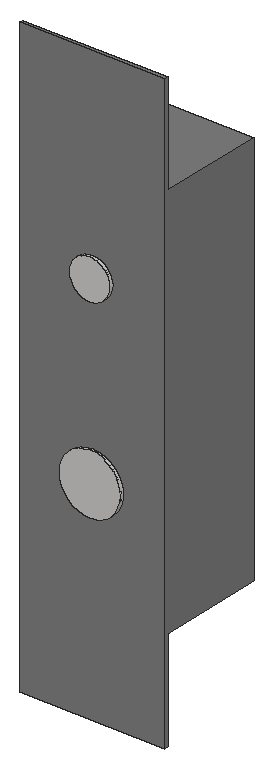
Revit family "4300", category Generic Models, Revit 2021
Family settings
  Can host rebar = No
  Round Connector Dimension = Use Diameter
  Part Type = Normal
  Work Plane-Based = No
  Always vertical = Yes
  Cut with Voids When Loaded = No
  Shared = No
  Room Calculation Point = No
Parameters
  Default Elevation = 0.00 mm
Reference planes
  plane 1 "Center (Front/Back)": y = 0
  plane 2: z = 0
  plane 3 "Center (Left/Right)": x = 0
  plane 4: x = 0
  plane 5: y = -27
Forms (mm)
  Extrusion 1, solid, material "Default"
    sketch origin (69, -2, -2.5) x (0, 0, 1) y (0, 1, 0)
      loop
        line (-127.5, 2) -> (-127.5, -68) -> (132.5, -68) -> (132.5, 2) -> (-127.5, 2)
    from 21.5 to 116.5
  Extrusion 2, solid, material "Default"
    sketch origin (70, -2, -2.5) x (0, 0, 1) y (0, 1, 0)
      loop
        line (-193.5, -68) -> (-193.5, -70.5) -> (198.5, -70.5) -> (198.5, -68) -> (-193.5, -68)
    from 22.5 to 117.5
  Extrusion 3, solid, material "Stainless Steel"
    sketch origin (69, -2, -96) x (0, 0, 1) y (-1, 0, 0)
      loop
        circle (39, 69) r 19.95
    from 70.5 to 72.5
  Extrusion 4, solid, material "Stainless Steel"
    sketch origin (69, -2, 24) x (0, 0, 1) y (-1, 0, 0)
      loop
        circle (39, 69) r 13.2
    from 70.5 to 72.5
Cuts and joins
  joined: Extrusion 1, Extrusion 2
Lines and regions (mm)
  reference lines
    curve 1: line (0, -27, -57) -> (0, -122.5, -57)
    curve 2: line (0, -27, 63) -> (0, -124.5, 63)
    curve 3: line (0, -27, 63) -> (99, -27, 63)
    curve 4: line (0, -27, -57) -> (99, -27, -57)
    curve 5: line (0, -27, 63) -> (-99, -27, 63)
    curve 6: line (0, -27, -57) -> (-99, -27, -57)
Dimensions and locks
  aligned and locked: plane 2 to level
  aligned and locked: Extrusion 1 to Extrusion 2
  aligned and locked: Extrusion 2 to Extrusion 1
